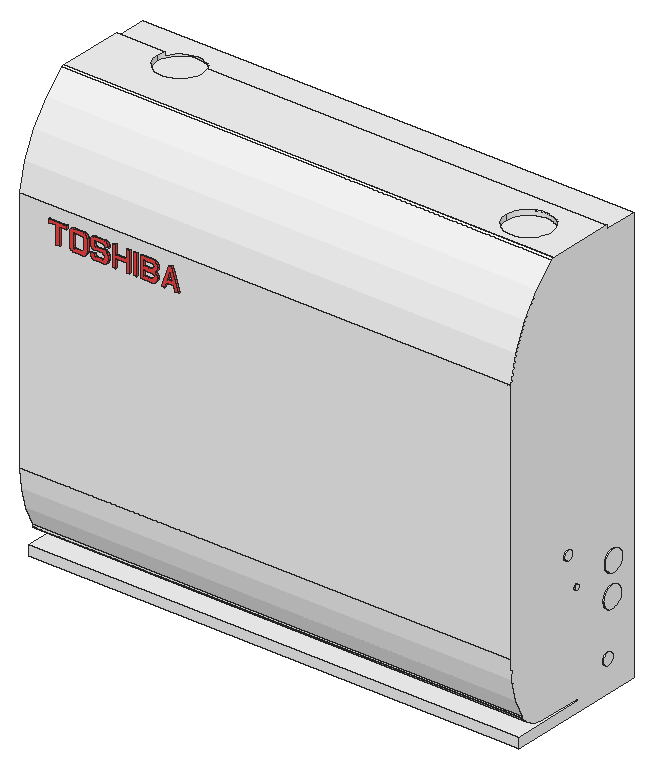
Revit family "RAS_U2FVG_10-18_Indoor Unit", category Mechanical Equipment, Revit 2017
Family settings
  Round Connector Dimension = Use Diameter
  Part Type = Normal
  OmniClass Number = 23.75.00.00
  OmniClass Title = Climate Control (HVAC)
  Work Plane-Based = No
  Always vertical = Yes
  Cut with Voids When Loaded = No
  Shared = No
  Room Calculation Point = No
Parameters (values of type "RAS-B10U2FVG-E1")
  Width (mm) = 700 mm
  Wholesaler Art. No. = ""
  Wholesaler = ""
  White = Colour RGB-255 255 255
  Weight (Kg) = "16"
  Watermarked By = ""
  Voltage (V) = "220-240V"
  URL = "https://www.toshiba-carrier.co.jp/global/"
  Top Clearance (mm) (default) = 70 mm
  Static pressure = "-"
  Starting current = "4.50 - 3.00"
  Stabu Code = ""
  Sound pressure dB(A)-Cooling/Heating-Mid+ = "-"
  Sound pressure dB(A)-Cooling/Heating-Mid = "32 / 32"
  Sound pressure dB(A)-Cooling/Heating-Low+ = "-"
  Sound pressure dB(A)-Cooling/Heating-Low = "26 / 26"
  Sound pressure dB(A)-Cooling/Heating- High = "39 / 39"
  Rated Capacity kW-Cooling/Heating = "2.5 / 3.2"
  SERVICE AREA [instance] = no
  Running current-Heating = "0.20 - 0.19"
  Running current-Cooling = "0.17 - 0.15"
  Right Side Clearance (mm) (default) = 50 mm
  Revit Version = "2017"  # constant formula
  Refrigerant information = "R410A"
  Red = Colour RGB-255 000 000
  Pdesigh-Cooling/Heating = "2.5 / 2.5 (Tbiv= -7degC)"
  Product Line = "TCTC"  # constant formula
  Power consumption-Heating = "25"
  Power consumption-Cooling = "20"
  Piping diameter Liquid (mm) = 6.4 mm
  Piping diameter Gas (mm) = 9.5 mm
  Rated Power Consumption kW-Cooling/Heating = "0.60 / 0.86"
  Operating range degC-Heating = "0 - 28"
  Operating range degC-Cooling = "21 - 32"
  Model = "RAS-B10U2FVG-E1"
  Manufacturer URL = "https://www.toshiba-carrier.co.jp/global/"
  Manufacturer Art. No. = "RAS-B10U2FVG-E1"
  Manufacturer = "Toshiba"  # constant formula
  MOCP (A) = "15"
  MEPcontent Class = "HEATPUMP"  # constant formula
  MCA (A) = "-"
  Left Side Clearance (mm) (default) = 50 mm
  Internal Art. No. = ""
  Height (mm) = 600 mm
  GTIN = ""
  GLN = ""
  Frequency (Hz) = "50Hz"
  Family Version = ""
  Energy class-Cooling/Heating = "A++ / A+"
  ETIM Article Class = "EC001213"  # constant formula
  EMCS = "4"  # constant formula
  Duct diameters(mm) = "-"
  Drain pipe(mm) = 16 mm
  Description = "R32 Console"
  Depth (mm) = 220 mm
  Custom = yes
  Copyright = "©Toshiba / HCL"  # constant formula
  Content Supplier URL = "www.hcltech.com"
  Seasonal Efficiency-SEER  / SCOP = "6.6 / 4.2"
  Rated efficiency-EER / COP = "4.17 / 3.72"
  Compressor-Type = "-"
  Compressor-Motor Output W = "-"
  CB-NL Class = ""
  Base Family Version = ""
  Article Type = "RAS-B10U2FVG-E1"
  Article Description = "R32 Console"
  Airflow m3/h -Cooling/Heating = "468 / 510"
Types (4, lengths in mm): name | Starting current | Sound pressure dB(A)-Cooling/Heating-Mid | Sound pressure dB(A)-Cooling/Heating-Low | Sound pressure dB(A)-Cooling/Heating- High | Rated Capacity kW-Cooling/Heating | Running current-Heating | Running current-Cooling | Pdesigh-Cooling/Heating | Power consumption-Heating | Power consumption-Cooling | Piping diameter Gas (mm) | Rated Power Consumption kW-Cooling/Heating | Model | Manufacturer Art. No. | Seasonal Efficiency-SEER  / SCOP | Rated efficiency-EER / COP | Article Type | Airflow m3/h -Cooling/Heating
  (no name) | "4.50 - 3.00" | "32 / 32" | "26 / 26" | "39 / 39" | "2.5 / 3.2" | "0.20 - 0.19" | "0.17 - 0.15" | "2.5 / 2.5 (Tbiv= -7degC)" | "25" | "20" | 9.5 | "0.60 / 0.86" | "RAS-B10U2FVG-E1" | "RAS-B10U2FVG-E1" | "6.6 / 4.2" | "4.17 / 3.72" | "RAS-B10U2FVG-E1" | "468 / 510"
  RAS-B10U2FVG-E1 | "4.50 - 3.00" | "32 / 32" | "26 / 26" | "39 / 39" | "2.5 / 3.2" | "0.20 - 0.19" | "0.17 - 0.15" | "2.5 / 2.5 (Tbiv= -7degC)" | "25" | "20" | 9.5 | "0.60 / 0.86" | "RAS-B10U2FVG-E1" | "RAS-B10U2FVG-E1" | "6.6 / 4.2" | "4.17 / 3.72" | "RAS-B10U2FVG-E1" | "468 / 510"
  RAS-B13U2FVG-E1 | "5.95 - 5.15" | "33 / 33" | "27 / 27" | "40 / 40" | "3.5 / 4.2" | "0.24 - 0.22" | "0.20 - 0.18" | "3.5 / 3.0 (Tbiv= -7degC)" | "30" | "25" | 9.5 | "1.10 / 1.25" | "RAS-B13U2FVG-E1" | "RAS-B13U2FVG-E1" | "6.4 / 4.2" | "3.18 / 3.36" | "RAS-B13U2FVG-E1" | "510 / 552"
  RAS-B18U2FVG-E1 | "9.50 - 7.55" | "40 / 40" | "34 / 34" | "45 / 46" | "5.0 / 6.2" | "0.30 - 0.28" | "0.27 - 0.24" | "5.0 / 4.0 (Tbiv= -7degC)" | "40" | "35" | 12.7 | "1.75 / 2.00" | "RAS-B18U2FVG-E1" | "RAS-B18U2FVG-E1" | "6.2 / 4.0" | "2.86 / 2.93" | "RAS-B18U2FVG-E1" | "600 / 642"
Reference planes
  plane 1 "Center (Front/Back)": y = 0
  plane 2: z = 0
  plane 3 "Center (Left/Right)": x = 0
  plane 4: y = 220
  plane 5: z = 600
  plane 6: through (0, 0, 119.98) normal (0, 0.9634, 0.268)
  plane 7: through (0, 77.711, 600) normal (0, 0.8575, -0.5146)
  plane 8: x = -350
  plane 9: x = 350
  plane 10: y = 110
  plane 11: x = -250
  plane 12: x = 280
  plane 13: y = 160
  plane 14: y = 171
Forms (mm)
  Extrusion 1, solid, material "Colour RGB-255 255 255"
    sketch origin (-350, 715.258, 1219.2) x (0, 1, 0) y (0, 0, 1)
      loop
        line (-495.258, -624.2) -> (-543.258, -624.2) -> (-543.258, -619.2) -> (-637.546, -619.2)
        arc (-637.546, -619.2) -> (-639.176, -619.473) -> (-640.627, -620.262) r 5
        arc (-640.627, -620.262) -> (-690.309, -677.295) -> (-715.258, -748.7) r 200
        line (-715.258, -748.7) -> (-715.258, -1099.22)
        arc (-715.258, -1099.22) -> (-709.403, -1142.105) -> (-692.269, -1181.851) r 160
        line (-692.269, -1181.851) -> (-692.269, -1184.808)
        arc (-692.269, -1184.808) -> (-677.904, -1196.523) -> (-660.258, -1202.2) r 50
        line (-660.258, -1202.2) -> (-595.258, -1202.2) -> (-595.258, -1205.2) -> (-700.258, -1205.2) -> (-700.258, -1219.2) -> (-495.258, -1219.2) -> (-495.258, -624.2)
    from 0 to 700
  Extrusion 2, solid, material "Colour RGB-255 255 255"
    sketch origin (350, 715.258, 1219.2) x (0, 1, 0) y (0, 0, 1)
      loop
        arc (-640.627, -620.262) -> (-690.309, -677.295) -> (-715.258, -748.7) r 200
        line (-715.258, -748.7) -> (-715.258, -1099.22)
        arc (-715.258, -1099.22) -> (-709.403, -1142.105) -> (-692.269, -1181.851) r 160
        line (-692.269, -1181.851) -> (-692.269, -1184.808)
        arc (-692.269, -1184.808) -> (-677.904, -1196.523) -> (-660.258, -1202.2) r 50
        line (-660.258, -1202.2) -> (-595.258, -1202.2) -> (-595.258, -1205.2) -> (-700.258, -1205.2) -> (-700.258, -1219.2) -> (-495.258, -1219.2) -> (-495.258, -624.2) -> (-543.258, -624.2) -> (-543.258, -619.2) -> (-637.546, -619.2)
        arc (-637.546, -619.2) -> (-639.176, -619.473) -> (-640.627, -620.262) r 5
    from 0 to -5
  Extrusion 3, void
    sketch origin (-350, 220, 595) x (1, 0, 0) y (0, -1, 0)
      loop
        circle (100, 60) r 32.5
      loop
        circle (630, 100) r 32.5
    from -5 to 2
  Extrusion 4, solid, material "Colour RGB-255 255 255" <- "White", detail levels medium+fine
    sketch origin (0, 0, 0) x (0, 1, 0) y (0, 0, 1)
      loop
        circle (115.5, 163) r 3.2
      loop
        circle (100.1, 210) r 6.35
      loop
        circle (171, 47) r 8
      loop
        circle (178.736, 122.984) r 15
      loop
        circle (180.813, 168.681) r 15
    from 350 to 353.012
  Extrusion 5, solid, material "Colour RGB-255 000 000", detail levels fine
    sketch origin (-281.578, -125, 1019.429) x (-1, 0, 0) y (0, 0, -1)
      loop
        line (25.611, 565.476) -> (25.611, 570.476) -> (15.611, 570.476) -> (15.611, 595.476) -> (10.611, 595.476) -> (10.611, 570.476) -> (0.611, 570.476) -> (0.611, 565.476) -> (25.611, 565.476)
      loop
        arc (-42.389, 577.663) -> (-40.268, 576.785) -> (-39.389, 574.663) r 3
        line (-39.389, 574.663) -> (-39.389, 573.476)
        arc (-39.389, 573.476) -> (-40.268, 571.355) -> (-42.389, 570.476) r 3
        line (-42.389, 570.476) -> (-51.389, 570.476)
        arc (-51.389, 570.476) -> (-53.51, 571.355) -> (-54.389, 573.476) r 3
        line (-54.389, 573.476) -> (-59.389, 573.476) -> (-59.389, 571.476)
        arc (-59.389, 571.476) -> (-57.632, 567.233) -> (-53.389, 565.476) r 6
        line (-53.389, 565.476) -> (-40.389, 565.476)
        arc (-40.389, 565.476) -> (-36.146, 567.233) -> (-34.389, 571.476) r 6
        line (-34.389, 571.476) -> (-34.389, 576.663)
        arc (-34.389, 576.663) -> (-36.146, 580.906) -> (-40.389, 582.663) r 6
        line (-40.389, 582.663) -> (-51.389, 582.663)
        arc (-51.389, 582.663) -> (-53.51, 583.542) -> (-54.389, 585.663) r 3
        line (-54.389, 585.663) -> (-54.389, 587.476)
        arc (-54.389, 587.476) -> (-53.51, 589.597) -> (-51.389, 590.476) r 3
        line (-51.389, 590.476) -> (-42.377, 590.476)
        arc (-42.377, 590.476) -> (-40.264, 589.601) -> (-39.389, 587.488) r 2.988
        line (-39.389, 587.488) -> (-34.389, 587.488) -> (-34.389, 589.476)
        arc (-34.389, 589.476) -> (-36.146, 593.719) -> (-40.389, 595.476) r 6
        line (-40.389, 595.476) -> (-53.389, 595.476)
        arc (-53.389, 595.476) -> (-57.632, 593.719) -> (-59.389, 589.476) r 6
        line (-59.389, 589.476) -> (-59.389, 583.663)
        arc (-59.389, 583.663) -> (-57.632, 579.421) -> (-53.389, 577.663) r 6
        line (-53.389, 577.663) -> (-42.389, 577.663)
      loop
        line (-4.389, 571.476) -> (-4.389, 589.476)
        arc (-4.389, 589.476) -> (-6.146, 593.719) -> (-10.389, 595.476) r 6
        line (-10.389, 595.476) -> (-23.389, 595.476)
        arc (-23.389, 595.476) -> (-27.632, 593.719) -> (-29.389, 589.476) r 6
        line (-29.389, 589.476) -> (-29.389, 571.476)
        arc (-29.389, 571.476) -> (-27.632, 567.233) -> (-23.389, 565.476) r 6
        line (-23.389, 565.476) -> (-10.389, 565.476)
        arc (-10.389, 565.476) -> (-6.146, 567.233) -> (-4.389, 571.476) r 6
      loop
        line (-65.014, 565.476) -> (-65.014, 595.476) -> (-70.014, 595.476) -> (-70.014, 582.663) -> (-85.014, 582.663) -> (-85.014, 595.476) -> (-90.014, 595.476) -> (-90.014, 565.476) -> (-85.014, 565.476) -> (-85.014, 577.663) -> (-70.014, 577.663) -> (-70.014, 565.476) -> (-65.014, 565.476)
      loop
        line (-9.389, 573.476) -> (-9.389, 587.476)
        arc (-9.389, 587.476) -> (-10.268, 589.597) -> (-12.389, 590.476) r 3
        line (-12.389, 590.476) -> (-21.389, 590.476)
        arc (-21.389, 590.476) -> (-23.51, 589.597) -> (-24.389, 587.476) r 3
        line (-24.389, 587.476) -> (-24.389, 573.476)
        arc (-24.389, 573.476) -> (-23.51, 571.355) -> (-21.389, 570.476) r 3
        line (-21.389, 570.476) -> (-12.389, 570.476)
        arc (-12.389, 570.476) -> (-10.268, 571.355) -> (-9.389, 573.476) r 3
      loop
        line (-95.014, 565.476) -> (-95.014, 595.476) -> (-100.014, 595.476) -> (-100.014, 565.476) -> (-95.014, 565.476)
      loop
        line (-105.014, 565.476) -> (-105.014, 595.476) -> (-122.021, 595.476)
        arc (-122.021, 595.476) -> (-127.555, 593.253) -> (-130.014, 587.82) r 8
        arc (-130.014, 587.82) -> (-128.675, 583.565) -> (-125.141, 580.843) r 7.431
        arc (-125.141, 580.843) -> (-128.687, 578.103) -> (-130.014, 573.823) r 7.431
        arc (-130.014, 573.823) -> (-127.799, 567.943) -> (-122.021, 565.476) r 8
        line (-122.021, 565.476) -> (-105.014, 565.476)
      loop
        line (-110.014, 570.476) -> (-110.014, 577.663) -> (-121.446, 577.663)
        arc (-121.446, 577.663) -> (-125.04, 574.07) -> (-121.446, 570.476) r 3.594
        line (-121.446, 570.476) -> (-110.014, 570.476)
      loop
        line (-110.014, 582.976) -> (-110.014, 590.476) -> (-121.474, 590.476)
        arc (-121.474, 590.476) -> (-125.224, 586.726) -> (-121.474, 582.976) r 3.75
        line (-121.474, 582.976) -> (-110.014, 582.976)
      loop
        line (-145.014, 565.476) -> (-135.014, 595.476) -> (-140.284, 595.476) -> (-142.472, 588.913) -> (-152.556, 588.913) -> (-154.743, 595.476) -> (-160.014, 595.476) -> (-150.014, 565.476) -> (-145.014, 565.476)
      loop
        line (-144.139, 583.913) -> (-150.889, 583.913) -> (-147.514, 573.787) -> (-144.139, 583.913)
    from -125 to -123
Cuts and joins
  Extrusion 3 cuts Extrusion 1
  Extrusion 3 cuts Extrusion 2
  joined: Extrusion 1, Extrusion 2
Lines and regions (mm)
  model lines, detail levels fine
    curve 1: line (314.3, 0, 403) -> (-314.3, 0, 403)
    curve 2: arc (-314.3, 0, 393) -> (-319.3, 0, 398) -> (-314.3, 0, 403) r 5
    curve 3: line (-314.3, 0, 393) -> (314.3, 0, 393)
    curve 4: line (314.3, 0, 391.005) -> (-314.3, 0, 391.005)
    curve 5: arc (-314.3, 0, 381.005) -> (-319.3, 0, 386.005) -> (-314.3, 0, 391.005) r 5
    curve 6: line (-314.3, 0, 381.005) -> (314.3, 0, 381.005)
    curve 7: line (314.3, 0, 378.97) -> (-314.3, 0, 378.97)
    curve 8: arc (-314.3, 0, 368.97) -> (-319.3, 0, 373.97) -> (-314.3, 0, 378.97) r 5
    curve 9: line (-314.3, 0, 368.97) -> (314.3, 0, 368.97)
    curve 10: line (314.3, 0, 366.975) -> (-314.3, 0, 366.975)
    curve 11: arc (-314.3, 0, 356.975) -> (-319.3, 0, 361.975) -> (-314.3, 0, 366.975) r 5
    curve 12: line (-314.3, 0, 356.975) -> (314.3, 0, 356.975)
    curve 13: line (314.3, 0, 355.039) -> (-314.3, 0, 355.039)
    curve 14: arc (-314.3, 0, 345.039) -> (-319.3, 0, 350.039) -> (-314.3, 0, 355.039) r 5
    curve 15: line (-314.3, 0, 345.039) -> (314.3, 0, 345.039)
    curve 16: line (314.3, 0, 343.043) -> (-314.3, 0, 343.043)
    curve 17: arc (-314.3, 0, 333.043) -> (-319.3, 0, 338.043) -> (-314.3, 0, 343.043) r 5
    curve 18: line (-314.3, 0, 333.043) -> (314.3, 0, 333.043)
    curve 19: line (314.3, 0, 331.009) -> (-314.3, 0, 331.009)
    curve 20: arc (-314.3, 0, 321.009) -> (-319.3, 0, 326.009) -> (-314.3, 0, 331.009) r 5
    curve 21: line (-314.3, 0, 321.009) -> (314.3, 0, 321.009)
    curve 22: line (314.3, 0, 319.014) -> (-314.3, 0, 319.014)
    curve 23: arc (-314.3, 0, 309.014) -> (-319.3, 0, 314.014) -> (-314.3, 0, 319.014) r 5
    curve 24: line (-314.3, 0, 309.014) -> (314.3, 0, 309.014)
    curve 25: line (314.3, 0, 306.999) -> (-314.3, 0, 306.999)
    curve 26: arc (-314.3, 0, 296.999) -> (-319.3, 0, 301.999) -> (-314.3, 0, 306.999) r 5
    curve 27: line (-314.3, 0, 296.999) -> (314.3, 0, 296.999)
    curve 28: line (314.3, 0, 295.004) -> (-314.3, 0, 295.004)
    curve 29: arc (-314.3, 0, 285.004) -> (-319.3, 0, 290.004) -> (-314.3, 0, 295.004) r 5
    curve 30: line (-314.3, 0, 285.004) -> (314.3, 0, 285.004)
    curve 31: arc (314.3, 0, 403) -> (319.3, 0, 398) -> (314.3, 0, 393) r 5
    curve 32: arc (314.3, 0, 391.005) -> (319.3, 0, 386.005) -> (314.3, 0, 381.005) r 5
    curve 33: arc (314.3, 0, 378.97) -> (319.3, 0, 373.97) -> (314.3, 0, 368.97) r 5
    curve 34: arc (314.3, 0, 366.975) -> (319.3, 0, 361.975) -> (314.3, 0, 356.975) r 5
    curve 35: arc (314.3, 0, 355.039) -> (319.3, 0, 350.039) -> (314.3, 0, 345.039) r 5
    curve 36: arc (314.3, 0, 343.043) -> (319.3, 0, 338.043) -> (314.3, 0, 333.043) r 5
    curve 37: arc (314.3, 0, 331.009) -> (319.3, 0, 326.009) -> (314.3, 0, 321.009) r 5
    curve 38: arc (314.3, 0, 319.014) -> (319.3, 0, 314.014) -> (314.3, 0, 309.014) r 5
    curve 39: arc (314.3, 0, 306.999) -> (319.3, 0, 301.999) -> (314.3, 0, 296.999) r 5
    curve 40: arc (314.3, 0, 295.004) -> (319.3, 0, 290.004) -> (314.3, 0, 285.004) r 5
  model lines, detail levels medium+fine
    curve 41: circle (350, 171.06, 45.966) r 32.5 normal (1, 0, 0)
Dimensions and locks
  "Height (mm)": plane 5 to level
  Extrusion 3 sketch curve to plane 4 = 60 mm
  Extrusion 3 sketch curve to plane 3 "Center (Left/Right)" = 250 mm
  Extrusion 3 sketch curve to plane 4 = 100 mm
  "Depth (mm)": plane 1 "Center (Front/Back)" to plane 4
  plane 1 "Center (Front/Back)" to plane 4 = 220 mm
  "Width (mm)": plane 8 to plane 9
  plane 8 to plane 11 = 100 mm
  plane 12 to plane 9 = 70 mm
  cut or joined group of Extrusion 1, Extrusion 2, Extrusion 3 to plane 4 = 60 mm
  cut or joined group of Extrusion 1, Extrusion 2, Extrusion 3 to plane 4 = 100 mm
  Extrusion 4 to level = 47 mm
  plane 4 to plane 14 = 49 mm
  aligned and locked: level to plane 2
  aligned and locked: Extrusion 4 to cut or joined group of Extrusion 1, Extrusion 2, Extrusion 3
  aligned and locked: Extrusion 5 to plane 1 "Center (Front/Back)"
  aligned and locked: plane 5 to cut or joined group of Extrusion 1, Extrusion 2, Extrusion 3
  aligned and locked: plane 8 to nested 1
  aligned and locked: nested 1 to level
  aligned and locked: nested 1 to plane 1 "Center (Front/Back)"
Automatic sketch dimensions
  Extrusion 2 sketch curve to Extrusion 1 = 15 mm
  Extrusion 2 sketch curve to Extrusion 1 = 0 mm  (x7)
  Extrusion 1 to Extrusion 2 sketch curve = 0 mm
  Extrusion 1 sketch curve to plane 1 "Center (Front/Back)" = 0 mm
  Extrusion 1 sketch curve to level = 0 mm
  Extrusion 1 sketch curve to plane 1 "Center (Front/Back)" = 15 mm
  Extrusion 1 sketch curve to plane 6 = 0 mm  (x2)
  Extrusion 1 sketch curve to plane 5 = 0 mm
  plane 7 to Extrusion 1 sketch curve = 0 mm
  Extrusion 1 sketch curve to plane 4 = 0 mm
  Extrusion 1 sketch curve to plane 7 = 0 mm
  Extrusion 1 sketch curve to Extrusion 1 sketch curve = 7.989 mm
  level to Extrusion 1 sketch curve = 17 mm
  Extrusion 1 sketch curve to Extrusion 1 sketch curve = 32.011 mm
  Extrusion 1 sketch curve to Extrusion 1 sketch curve = 38.235 mm
  Extrusion 1 sketch curve to Extrusion 1 sketch curve = 65 mm
  plane 4 to Extrusion 1 sketch curve = 48 mm
  plane 4 to Extrusion 1 sketch curve = 22.125 mm
  Extrusion 1 sketch curve to Extrusion 1 sketch curve = 3 mm
  Extrusion 1 sketch curve to Extrusion 1 sketch curve = 2.957 mm
  Extrusion 1 sketch curve to plane 5 = 158.576 mm
  Extrusion 1 sketch curve to plane 5 = 5 mm  (x2)
  Extrusion 1 to Extrusion 3 sketch curve = 70 mm
  plane 8 to curve 1 = 35.7 mm
  curve 2 to plane 5 = 202 mm
  curve 2 to curve 1 = 5 mm
  curve 1 to plane 9 = 35.7 mm
  curve 3 to curve 5 = 0 mm
  curve 4 to curve 3 = 1.995 mm
  curve 5 to curve 5 = 5 mm
  curve 3 to curve 4 = 0 mm
  curve 5 to curve 8 = 0 mm
  curve 7 to curve 5 = 2.034 mm
  curve 8 to curve 7 = 5 mm
  curve 6 to curve 7 = 0 mm
  curve 9 to curve 11 = 0 mm
  curve 10 to curve 9 = 1.995 mm
  curve 11 to curve 10 = 5 mm
  curve 9 to curve 10 = 0 mm
  curve 12 to curve 14 = 0 mm
  curve 13 to curve 12 = 1.937 mm
  curve 14 to curve 13 = 5 mm
  curve 12 to curve 13 = 0 mm
  curve 14 to curve 17 = 0 mm
  curve 16 to curve 14 = 1.995 mm
  curve 17 to curve 16 = 5 mm
  curve 15 to curve 16 = 0 mm
  curve 17 to curve 20 = 0 mm
  curve 19 to curve 17 = 2.034 mm
  curve 20 to curve 20 = 5 mm
  curve 18 to curve 19 = 0 mm
  curve 21 to curve 23 = 0 mm
  curve 22 to curve 21 = 1.995 mm
  curve 23 to curve 23 = 5 mm
  curve 21 to curve 22 = 0 mm
  curve 23 to curve 26 = 0 mm
  curve 25 to curve 23 = 2.015 mm
  curve 26 to curve 25 = 5 mm
  curve 24 to curve 25 = 0 mm
  curve 26 to curve 29 = 0 mm
  curve 28 to curve 26 = 1.995 mm
  curve 29 to curve 28 = 5 mm
  curve 27 to curve 28 = 0 mm
  Extrusion 4 sketch curve to plane 1 "Center (Front/Back)" = 100.1 mm
  Extrusion 4 sketch curve to Extrusion 4 sketch curve = 15.4 mm
  plane 4 to Extrusion 4 sketch curve = 49 mm
  plane 4 to Extrusion 4 sketch curve = 41.264 mm
  plane 4 to Extrusion 4 sketch curve = 39.187 mm
  level to Extrusion 4 sketch curve = 47 mm
  Extrusion 4 sketch curve to Extrusion 4 sketch curve = 40.016 mm
  Extrusion 4 sketch curve to Extrusion 4 sketch curve = 47 mm
  Extrusion 4 sketch curve to Extrusion 4 sketch curve = 45.697 mm
  curve 41 to Extrusion 1 = 0.94 mm
  curve 41 to Extrusion 1 = 28.966 mm
  plane 3 "Center (Left/Right)" to Extrusion 5 sketch curve = 121.564 mm
  Extrusion 5 sketch curve to Extrusion 5 sketch curve = 5.27 mm  (x2)
  Extrusion 5 sketch curve to Extrusion 5 sketch curve = 2.187 mm  (x2)
  Extrusion 5 sketch curve to Extrusion 5 sketch curve = 1.667 mm  (x2)
  Extrusion 5 sketch curve to Extrusion 5 sketch curve = 0.875 mm
  Extrusion 5 sketch curve to Extrusion 5 sketch curve = 2.5 mm
  Extrusion 5 sketch curve to Extrusion 5 sketch curve = 5 mm  (x22)
  Extrusion 5 sketch curve to Extrusion 5 sketch curve = 6.751 mm
  Extrusion 5 sketch curve to Extrusion 5 sketch curve = 12.431 mm
  Extrusion 5 sketch curve to Extrusion 5 sketch curve = 0 mm  (x13)
  Extrusion 5 sketch curve to Extrusion 5 sketch curve = 0.561 mm  (x2)
  Extrusion 5 sketch curve to Extrusion 5 sketch curve = 1.109 mm
  Extrusion 5 sketch curve to Extrusion 5 sketch curve = 0.575 mm
  Extrusion 5 sketch curve to Extrusion 5 sketch curve = 11.46 mm
  Extrusion 5 sketch curve to Extrusion 5 sketch curve = 11.432 mm
  Extrusion 5 sketch curve to Extrusion 5 sketch curve = 15 mm  (x2)
  Extrusion 5 sketch curve to Extrusion 5 sketch curve = 10.625 mm
  Extrusion 5 sketch curve to Extrusion 5 sketch curve = 5.625 mm
  Extrusion 5 sketch curve to Extrusion 5 sketch curve = 1 mm  (x12)
  Extrusion 5 sketch curve to Extrusion 5 sketch curve = 2 mm  (x11)
  Extrusion 5 sketch curve to Extrusion 5 sketch curve = 9 mm  (x3)
  Extrusion 5 sketch curve to Extrusion 5 sketch curve = 9.012 mm
  Extrusion 5 sketch curve to Extrusion 5 sketch curve = 1.988 mm
  Extrusion 5 sketch curve to Extrusion 5 sketch curve = 10 mm
  plane 5 to Extrusion 5 sketch curve = 176.047 mm
  Extrusion 5 sketch curve to Extrusion 5 sketch curve = 6 mm
  Extrusion 5 sketch curve to Extrusion 5 sketch curve = 6.562 mm
  Extrusion 5 sketch curve to Extrusion 5 sketch curve = 2.656 mm
  Extrusion 5 sketch curve to Extrusion 5 sketch curve = 0.344 mm
  Extrusion 5 sketch curve to Extrusion 5 sketch curve = 0.75 mm
  Extrusion 5 sketch curve to Extrusion 5 sketch curve = 1.812 mm
  Extrusion 5 sketch curve to Extrusion 5 sketch curve = 5.312 mm
  Extrusion 5 sketch curve to Extrusion 5 sketch curve = 3.594 mm
  Extrusion 5 sketch curve to Extrusion 5 sketch curve = 0.204 mm
  Extrusion 5 sketch curve to Extrusion 5 sketch curve = 10.126 mm
  Extrusion 5 sketch curve to Extrusion 5 sketch curve = 4.188 mm
  Extrusion 5 sketch curve to Extrusion 5 sketch curve = 14 mm
  Extrusion 5 sketch curve to Extrusion 5 sketch curve = 0.39 mm
  Extrusion 5 sketch curve to Extrusion 5 sketch curve = 8.311 mm
  Extrusion 5 sketch curve to Extrusion 5 sketch curve = 12.188 mm  (x2)
  Extrusion 5 sketch curve to Extrusion 5 sketch curve = 7.431 mm
  Extrusion 4 sketch curve to Extrusion 4 sketch curve = 75.984 mm
  radius of Extrusion 2 sketch curve to Extrusion 1 = 0 mm  (x4)
  radius of Extrusion 3 sketch curve = 32.5 mm  (x2)
  radius of Extrusion 4 sketch curve = 3.2 mm
  radius of Extrusion 4 sketch curve = 6.35 mm
  radius of Extrusion 4 sketch curve = 8 mm
  radius of Extrusion 4 sketch curve = 15 mm  (x2)
  radius of curve 41 = 32.5 mm
Nested families
  nested 1: "SERVICE AREA" at (0, 110, 0), SERVICE AREA <- "SERVICE AREA", type "SERVICE AREA"
    with Top Clearance 70 mm, SERVICE AREA no, Right Side Clearance 50 mm, Left Side Clearance 50 mm
Connectors
  piping at (353.012, 100.1, 210), diameter 9.5
    settings: on Extrusion 4, index 1, connector inside diameter 24", connector length 0 mm, flow factor 0, pipe flow 0 GPM, pressure drop 0.00 psi, fitting loss kfactor 0, connector angle 0.00°, fixture units 0, engagement length 0 mm, angle of deflection 0.00°, flow configuration 0, flow direction 2, fitting loss method 0, system type 8, joint type 0, gender type 0, connector reference index -1, connector utility 0, adjustable connector no, is connector primary yes, connector description "Refrigerant Pipe  Connecting Port-Gas (dia 9.5mm)"
  piping at (353.012, 100.1, 210), diameter 12.7
    settings: on Extrusion 4, index 2, connector inside diameter 24", connector length 0 mm, flow factor 0, pipe flow 0 GPM, pressure drop 0.00 psi, fitting loss kfactor 0, connector angle 0.00°, fixture units 0, engagement length 0 mm, angle of deflection 0.00°, flow configuration 0, flow direction 2, fitting loss method 0, system type 8, joint type 0, gender type 0, connector reference index -1, connector utility 0, adjustable connector no, is connector primary no, connector description "Refrigerant Pipe  Connecting Port-Gas (dia 12.7mm)"
  piping at (353.012, 115.5, 163), diameter 6.4
    settings: on Extrusion 4, index 3, connector inside diameter 24", connector length 0 mm, flow factor 0, pipe flow 0 GPM, pressure drop 0.00 psi, fitting loss kfactor 0, connector angle 0.00°, fixture units 0, engagement length 0 mm, angle of deflection 0.00°, flow configuration 0, flow direction 1, fitting loss method 0, system type 7, joint type 0, gender type 0, connector reference index -1, connector utility 0, adjustable connector no, is connector primary no, connector description "Refrigerant Pipe  Connecting Port-Liquid (dia 6.4mm)"
  electrical at (353.012, 178.736, 122.984)
    settings: on Extrusion 4, index 4, voltage 0 V, apparent load 0 VA, apparent load phase1 0 VA, apparent load phase2 0 VA, apparent load phase3 0 VA, power factor 1, load classification "Other", number of poles 1, system type 31, power factor state 1, is connector primary yes, connector utility no, sub classification motor no, connector description "ELECTRICAL CONNECTOR"
  electrical at (353.012, 180.813, 168.681)
    settings: on Extrusion 4, index 5, voltage 0 V, apparent load 0 VA, apparent load phase1 0 VA, apparent load phase2 0 VA, apparent load phase3 0 VA, power factor 1, load classification "Other", number of poles 1, system type 13, power factor state 1, is connector primary no, connector utility no, sub classification motor no, connector description "CONTROL CABLE PORT"
  piping at (353.012, 171, 47), diameter 16
    settings: on Extrusion 4, index 6, connector inside diameter 24", connector length 0 mm, flow factor 0, pipe flow 0 GPM, pressure drop 0.00 psi, fitting loss kfactor 0, connector angle 0.00°, fixture units 0, engagement length 0 mm, angle of deflection 0.00°, flow configuration 0, flow direction 2, fitting loss method 0, system type 17, joint type 0, gender type 0, connector reference index -1, connector utility 0, adjustable connector no, is connector primary no, connector description "DRAIN PORT"
Definition of nested family "SERVICE AREA"
  Parameters (values of type "SERVICE AREA")
    Top Clearance [instance] = 70 mm
    SERVICE AREA [instance] = yes
    Right Side Clearance [instance] = 50 mm
    Left Side Clearance [instance] = 50 mm
  Reference planes
    plane 1 "Center (Front/Back)": y = 0
    plane 2: z = 0
    plane 3 "Center (Left/Right)": x = 0
    plane 4: y = 110
    plane 5: y = -110
    plane 6: x = -350
    plane 7: x = 350
    plane 8: z = 670
  Forms (mm)
    Extrusion 1, solid, visible <- "SERVICE AREA"
      sketch origin (0, -96, 0) x (1, 0, 0) y (0, 1, 0)
        loop
          line (350, 206) -> (350, -14) -> (400, -14) -> (400, 206) -> (350, 206)
        loop
          line (-350, 206) -> (-400, 206) -> (-400, -14) -> (-350, -14) -> (-350, 206)
      from 0 to 600
    Extrusion 2, solid, visible <- "SERVICE AREA"
      sketch origin (0, 0, 0) x (1, 0, 0) y (0, 0, 1)
        loop
          line (-350, 600) -> (350, 600) -> (350, 670) -> (-350, 670) -> (-350, 600)
      from -110 to 110
  Dimensions and locks
    locked: plane 4 to plane 5 at 220
    equal spacing: plane 4, plane 1 "Center (Front/Back)", plane 5, locked at 110 each
    equal spacing: plane 6, plane 3 "Center (Left/Right)", plane 7, locked at 350 each
    locked: plane 6 to plane 7 at 700
    "Left Side Clearance": Extrusion 1 to plane 6
    "Right Side Clearance": plane 7 to Extrusion 1
    plane 8 to Extrusion 2 = 70 mm
    aligned and locked: level to plane 2
    aligned and locked: plane 7 to Extrusion 2 sketch curve
    aligned and locked: Extrusion 1 to Extrusion 2
    aligned and locked: Extrusion 2 to Extrusion 1
  Automatic sketch dimensions
    Extrusion 1 sketch curve to plane 5 = 0 mm  (x2)
    Extrusion 1 sketch curve to Extrusion 1 sketch curve = 50 mm  (x2)
    Extrusion 1 sketch curve to plane 6 = 0 mm
    Extrusion 1 sketch curve to plane 7 = 0 mm
    Extrusion 1 sketch curve to plane 4 = 0 mm  (x2)
    Extrusion 2 sketch curve to plane 6 = 0 mm
    Extrusion 2 sketch curve to Extrusion 2 sketch curve = 70 mm
    level to Extrusion 2 sketch curve = 600 mm
